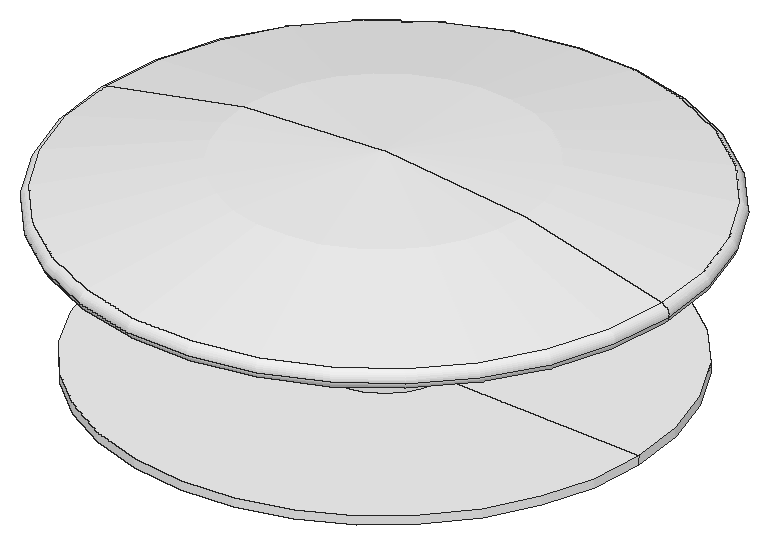
Revit family "Deca_Válvula de Escoamento_1601.C", category Plumbing Fixtures, host Face, Revit 2010
Parameters (values of type "1601.C_Cromado CR10")
  WFU = 0
  Válvula = Deca CR10 Cromado Metal
  Vendido Separadamente = "Não Aplicável"  # constant formula
  Variações de COR = "Cromado (1601.C), Preto Fosco (1602.F.PTO); Gold (1601.D.GLD)"  # constant formula
  URL = "www.deca.com.br/produtos"
  Segmento = "Luxo"  # constant formula
  Raio Água Fria = 7.5 mm  # constant formula
  Produto = "Válvula de escoamento Luxo para lavatório / cuba / bidê"  # constant formula
  Pressão = "2 A 40 mca"  # constant formula
  Peso Liquido (Kg) = 0.175  # constant formula
  Norma = "ABNT NBR 15423:2006"  # constant formula
  Model = Código  # "1601.C"
  Material = "Latão Cromado e Plástico de Engenharia"  # constant formula
  Manufacturer = "Deca"  # constant formula
  Louça/Metais = "Metal"  # constant formula
  Linha = "Válvula de Escoamento"  # constant formula
  Informações Complementares = "Não Aplicável"  # constant formula
  Flow Pressure = 0.00 psi
  Diâmetro Água Fria = Raio Água Fria * 2  # 15 mm
  Description = "Válvula de escoamento Luxo para lavatório / cuba / bidê"  # constant formula
  Default Elevation = 0 mm
  Código = "1601.C"
  Criado por = "Contino/quattroD"  # constant formula
  Consumo = "Varia com a pressão"  # constant formula
  CWFU = 0
  Atendimento ao Cliente = "0800-0117073"  # constant formula
  Assembly Code = "D2020"
  Aprovado por = "Contino/quattroD"  # constant formula
  Acompanha o Produto = ""
Types (4, lengths in mm): name | Válvula | Model | Código
  (no name) | Deca CR10 Cromado Metal | "1601.C" | "1601.C"
  1601.C_Cromado CR10 | Deca CR10 Cromado Metal | "1601.C" | "1601.C"
  1602.F.PTO_Preto Fosco | Deca PR15 Preto Fosco Metal | "1602.F.PTO" | "1602.F.PTO"
  1601.D.GLD_Gold | Deca GLD Gold Metal | "1601.D.GLD" | "1601.D.GLD"
Reference planes
  plane 1 "Center (Front/Back)": y = -110
  plane 2: z = 0
  plane 3 "Center (Left/Right)": x = 0
  plane 4 "Left 1": x = -31.254
  plane 5 "Back 1": y = -78.746
  plane 6 "Front  1": y = -141.254
  plane 7 "Right 1": x = 31.254
  plane 8 "Top 1": z = 28.127
Forms (mm)
  Revolve 1, solid, material "Deca CR10 Cromado Metal" <- "Válvula"
    sketch origin (0, -110, 0) x (1, 0, 0) y (0, 0, 1)
      loop
        line (0, 0) -> (0, 28.127)
        arc (0, 28.127) -> (-15.411, 27.062) -> (-30.528, 23.888) r 112.009
        arc (-30.528, 23.888) -> (-31.102, 23.457) -> (-31.239, 22.753) r 0.998
        arc (-31.239, 22.753) -> (-30.897, 22.16) -> (-30.255, 21.926) r 0.999
        line (-30.255, 21.926) -> (-23.253, 21.926)
        arc (-23.253, 21.926) -> (-22.197, 21.491) -> (-21.753, 20.438) r 1.5
        line (-21.753, 20.438) -> (-21.753, 18.532)
        arc (-21.753, 18.532) -> (-21.606, 18.172) -> (-21.246, 18.026) r 0.5
        line (-21.246, 18.026) -> (-20.25, 18.026) -> (-19.436, 17.213)
        arc (-19.436, 17.213) -> (-19.007, 16.573) -> (-18.277, 16.326) r 1.2
        line (-18.277, 16.326) -> (-5.501, 16.325) -> (-5.501, 12.125) -> (-6.501, 12.125) -> (-6.501, 7.988) -> (-28.004, 7.988) -> (-28.004, 7.093) -> (-15.805, 5.811)
        arc (-15.805, 5.811) -> (-14.52, 5.191) -> (-13.924, 3.896) r 2.108
        line (-13.924, 3.896) -> (-13.582, 0) -> (0, 0)
      axis (0, 28.127) -> (0, 0)
    angle from 0 to 360
Lines and regions (mm)
  Masking region 1
    outline origin (0, 0, 0) x (1, 0, 0) y (0, 1, 0)
      loop
        circle (0, -110) r 31.254
  Masking region 2
    outline origin (0, -110, 0) x (1, 0, 0) y (0, 0, 1)
      loop
        arc (0, 28.127) -> (-15.411, 27.062) -> (-30.528, 23.888) r 112.009
        arc (-30.528, 23.888) -> (-31.102, 23.457) -> (-31.239, 22.753) r 0.998
        arc (-31.239, 22.753) -> (-30.897, 22.16) -> (-30.255, 21.926) r 0.999
        line (-30.255, 21.926) -> (-23.27, 21.926)
        arc (-23.27, 21.926) -> (-22.641, 21.795) -> (-22.146, 21.438) r 1.5
        arc (-22.146, 21.438) -> (-21.857, 20.974) -> (-21.753, 20.438) r 1.5
        line (-21.753, 20.438) -> (-21.753, 18.532)
        arc (-21.753, 18.532) -> (-21.606, 18.172) -> (-21.246, 18.026) r 0.5
        line (-21.246, 18.026) -> (-20.391, 18.026) -> (-19.436, 17.213)
        arc (-19.436, 17.213) -> (-19.007, 16.573) -> (-18.277, 16.326) r 1.2
        line (-18.277, 16.326) -> (-5.501, 16.325) -> (-5.501, 12.125) -> (-6.501, 12.125) -> (-6.501, 7.988) -> (-28.004, 7.988) -> (-28.004, 7.093) -> (-15.805, 5.811)
        arc (-15.805, 5.811) -> (-14.52, 5.191) -> (-13.924, 3.896) r 2.108
        line (-13.924, 3.896) -> (-13.582, 0) -> (0, 0) -> (13.582, 0) -> (13.923, 3.896)
        arc (13.923, 3.896) -> (14.52, 5.191) -> (15.805, 5.81) r 2.108
        line (15.805, 5.81) -> (28.004, 7.093) -> (28.004, 7.988) -> (6.501, 7.988) -> (6.501, 12.125) -> (5.501, 12.125) -> (5.501, 16.325) -> (18.277, 16.325)
        arc (18.277, 16.325) -> (19.007, 16.573) -> (19.436, 17.213) r 1.2
        line (19.436, 17.213) -> (20.391, 18.026) -> (21.246, 18.026)
        arc (21.246, 18.026) -> (21.606, 18.172) -> (21.753, 18.532) r 0.5
        line (21.753, 18.532) -> (21.753, 20.438)
        arc (21.753, 20.438) -> (21.857, 20.974) -> (22.146, 21.438) r 1.5
        arc (22.146, 21.438) -> (22.641, 21.795) -> (23.237, 21.926) r 1.5
        line (23.237, 21.926) -> (30.255, 21.926)
        arc (30.255, 21.926) -> (30.897, 22.16) -> (31.239, 22.753) r 0.999
        arc (31.239, 22.753) -> (31.102, 23.457) -> (30.528, 23.887) r 0.998
        arc (30.528, 23.887) -> (15.411, 27.062) -> (0, 28.127) r 112.009
  Masking region 3
    outline origin (0, -110, 0) x (1, 0, 0) y (0, 0, 1)
      loop
        arc (0, 28.127) -> (-15.411, 27.062) -> (-30.528, 23.888) r 112.009
        arc (-30.528, 23.888) -> (-31.102, 23.457) -> (-31.239, 22.753) r 0.998
        arc (-31.239, 22.753) -> (-30.897, 22.16) -> (-30.255, 21.926) r 0.999
        line (-30.255, 21.926) -> (-23.27, 21.926)
        arc (-23.27, 21.926) -> (-22.641, 21.795) -> (-22.146, 21.438) r 1.5
        arc (-22.146, 21.438) -> (-21.857, 20.974) -> (-21.753, 20.438) r 1.5
        line (-21.753, 20.438) -> (-21.753, 18.532)
        arc (-21.753, 18.532) -> (-21.606, 18.172) -> (-21.246, 18.026) r 0.5
        line (-21.246, 18.026) -> (-20.391, 18.026) -> (-19.436, 17.213)
        arc (-19.436, 17.213) -> (-19.007, 16.573) -> (-18.277, 16.326) r 1.2
        line (-18.277, 16.326) -> (-5.501, 16.325) -> (-5.501, 12.125) -> (-6.501, 12.125) -> (-6.501, 7.988) -> (-28.004, 7.988) -> (-28.004, 7.093) -> (-15.805, 5.811)
        arc (-15.805, 5.811) -> (-14.52, 5.191) -> (-13.924, 3.896) r 2.108
        line (-13.924, 3.896) -> (-13.582, 0) -> (0, 0) -> (13.582, 0) -> (13.923, 3.896)
        arc (13.923, 3.896) -> (14.52, 5.191) -> (15.805, 5.81) r 2.108
        line (15.805, 5.81) -> (28.004, 7.093) -> (28.004, 7.988) -> (6.501, 7.988) -> (6.501, 12.125) -> (5.501, 12.125) -> (5.501, 16.325) -> (18.277, 16.325)
        arc (18.277, 16.325) -> (19.007, 16.573) -> (19.436, 17.213) r 1.2
        line (19.436, 17.213) -> (20.391, 18.026) -> (21.246, 18.026)
        arc (21.246, 18.026) -> (21.606, 18.172) -> (21.753, 18.532) r 0.5
        line (21.753, 18.532) -> (21.753, 20.438)
        arc (21.753, 20.438) -> (21.857, 20.974) -> (22.146, 21.438) r 1.5
        arc (22.146, 21.438) -> (22.641, 21.795) -> (23.237, 21.926) r 1.5
        line (23.237, 21.926) -> (30.255, 21.926)
        arc (30.255, 21.926) -> (30.897, 22.16) -> (31.239, 22.753) r 0.999
        arc (31.239, 22.753) -> (31.102, 23.457) -> (30.528, 23.887) r 0.998
        arc (30.528, 23.887) -> (15.411, 27.062) -> (0, 28.127) r 112.009
  Masking region 4
    outline origin (0, 0, 0) x (0, 1, 0) y (0, 0, 1)
      loop
        arc (-110, 28.127) -> (-125.478, 27.072) -> (-140.662, 23.888) r 112.009
        arc (-140.662, 23.888) -> (-141.236, 23.457) -> (-141.373, 22.753) r 0.998
        arc (-141.373, 22.753) -> (-141.031, 22.16) -> (-140.388, 21.926) r 0.999
        line (-140.388, 21.926) -> (-133.372, 21.926)
        arc (-133.372, 21.926) -> (-132.322, 21.491) -> (-131.887, 20.441) r 1.485
        line (-131.887, 20.441) -> (-131.887, 18.532)
        arc (-131.887, 18.532) -> (-131.743, 18.174) -> (-131.387, 18.026) r 0.5
        line (-131.387, 18.026) -> (-130.482, 18.026) -> (-129.571, 17.213)
        arc (-129.571, 17.213) -> (-129.141, 16.573) -> (-128.411, 16.326) r 1.2
        line (-128.411, 16.326) -> (-115.635, 16.325) -> (-115.635, 12.125) -> (-116.635, 12.125) -> (-116.635, 7.988) -> (-138.138, 7.988) -> (-138.138, 7.093) -> (-125.939, 5.811)
        arc (-125.939, 5.811) -> (-124.654, 5.191) -> (-124.058, 3.896) r 2.108
        line (-124.058, 3.896) -> (-123.716, 0) -> (-110, 0) -> (-96.557, 0) -> (-96.216, 3.896)
        arc (-96.216, 3.896) -> (-95.619, 5.191) -> (-94.335, 5.81) r 2.108
        line (-94.335, 5.81) -> (-82.135, 7.093) -> (-82.135, 7.988) -> (-103.639, 7.988) -> (-103.639, 12.125) -> (-104.638, 12.125) -> (-104.638, 16.325) -> (-91.862, 16.325)
        arc (-91.862, 16.325) -> (-91.132, 16.573) -> (-90.703, 17.213) r 1.2
        line (-90.703, 17.213) -> (-89.792, 18.026) -> (-88.886, 18.026)
        arc (-88.886, 18.026) -> (-88.53, 18.174) -> (-88.387, 18.532) r 0.5
        line (-88.387, 18.532) -> (-88.387, 20.438)
        arc (-88.387, 20.438) -> (-88.274, 20.982) -> (-87.969, 21.458) r 1.5
        arc (-87.969, 21.458) -> (-87.48, 21.801) -> (-86.896, 21.926) r 1.5
        line (-86.896, 21.926) -> (-79.612, 21.926)
        arc (-79.612, 21.926) -> (-78.969, 22.16) -> (-78.627, 22.753) r 0.999
        arc (-78.627, 22.753) -> (-78.764, 23.458) -> (-79.339, 23.888) r 0.998
        arc (-79.339, 23.888) -> (-94.522, 27.072) -> (-110, 28.127) r 112.009
  symbolic lines
    curve 1: circle (0, -110, 0) r 30.527 normal (0, 0, 1)
    curve 2: line (-13.924, -110, 3.896) -> (13.924, -110, 3.896)
    curve 3: line (-15.805, -110, 5.811) -> (15.805, -110, 5.811)
    curve 4: line (28.004, -110, 7.093) -> (-28.004, -110, 7.093)
    curve 5: line (6.501, -110, 7.988) -> (-6.501, -110, 7.988)
    curve 6: line (6.501, -110, 11.825) -> (-6.501, -110, 11.825)
    curve 7: line (6.201, -110, 12.125) -> (-6.201, -110, 12.125)
    curve 8: line (18.277, -110, 16.325) -> (-18.277, -110, 16.325)
    curve 9: line (19.804, -110, 17.526) -> (-19.804, -110, 17.526)
    curve 10: line (21.753, -110, 18.526) -> (-21.753, -110, 18.526)
    curve 11: line (20.391, -110, 18.026) -> (-20.391, -110, 18.026)
    curve 12: line (-19.436, -110, 17.213) -> (19.436, -110, 17.213)
    curve 13: line (30.527, -110, 23.888) -> (-30.527, -110, 23.888)
    curve 14: line (31.245, -110, 22.789) -> (-31.245, -110, 22.789)
    curve 15: line (23.253, -110, 21.926) -> (-23.27, -110, 21.926)
    curve 16: line (22.192, -110, 21.486) -> (-22.192, -110, 21.486)
    curve 17: line (-21.753, -110, 20.426) -> (21.753, -110, 20.426)
    curve 18: line (0, -79.607, 23.888) -> (0, -140.661, 23.888)
    curve 19: line (0, -78.889, 22.789) -> (0, -141.379, 22.789)
    curve 20: line (0, -79.88, 21.926) -> (0, -140.388, 21.926)
    curve 21: line (0, -131.887, 20.426) -> (0, -88.381, 20.426)
    curve 22: line (0, -87.942, 21.486) -> (0, -132.326, 21.486)
    curve 23: line (0, -88.381, 18.526) -> (0, -131.887, 18.526)
    curve 24: line (0, -91.857, 16.325) -> (0, -128.411, 16.325)
    curve 25: line (0, -90.698, 17.213) -> (0, -129.571, 17.213)
    curve 26: line (0, -90.352, 17.526) -> (0, -129.922, 17.526)
    curve 27: line (0, -89.791, 18.026) -> (0, -130.482, 18.026)
    curve 28: line (0, -103.933, 12.125) -> (0, -116.335, 12.125)
    curve 29: line (0, -103.633, 11.825) -> (0, -116.635, 11.825)
    curve 30: line (0, -82.13, 7.988) -> (0, -138.138, 7.988)
    curve 31: line (0, -82.13, 7.093) -> (0, -138.138, 7.093)
    curve 32: line (0, -125.939, 5.811) -> (0, -94.329, 5.811)
    curve 33: line (0, -124.057, 3.896) -> (0, -96.211, 3.896)
Dimensions and locks
  plane 4 "Left 1" to plane 7 "Right 1" = 62.509 mm  (x2)
  plane 6 "Front  1" to plane 5 "Back 1" = 62.509 mm  (x2)
  plane 2 to plane 8 "Top 1" = 28.127 mm
  plane 8 "Top 1" to host face = 28.127 mm
  aligned and locked: host face to plane 2
  aligned and locked: level to host face
Connectors
  piping at (0, -110, 0), driven by "Flow Pressure", driven by "WFU", driven by "Diâmetro Água Fria"
    settings: on Revolve 1, index 1, connector radius 0.59055", flow factor 0, pipe flow 0 GPM, pressure drop 0.00 psi, fitting loss kfactor 0, connector angle 0.00°, fixture units 0, engagement length 0 mm, flow configuration 3, flow direction 2, fitting loss method 4, system type 16, joint type 0, gender type 0, connector reference index -1, connector utility 0, adjustable connector no, is connector primary yes, fitting loss table "", connector description ""
